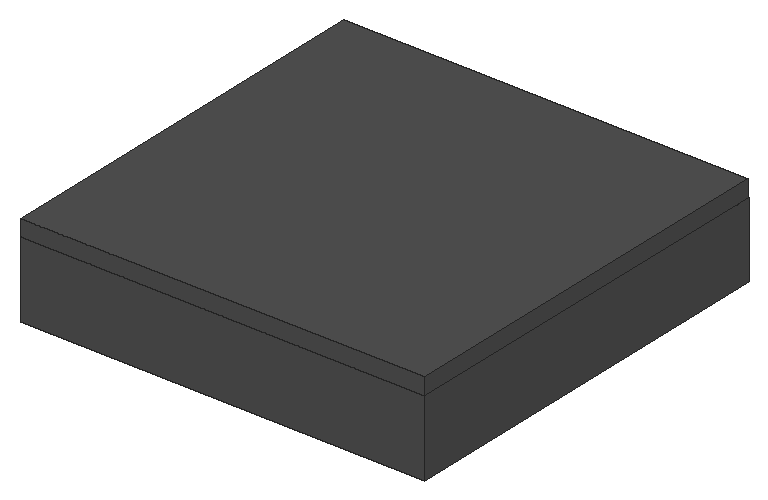
Revit family "Lumiária embutida - quadrada", category Lighting Fixtures, host Ceiling, Revit 2016
Family settings
  Host = Ceiling
  Part Type = Normal
  Round Connector Dimension = Use Diameter
  OmniClass Number = 23.80.70.11.14.11
  OmniClass Title = Downlights
  Always vertical = Yes
  Cut with Voids When Loaded = No
  Light Source = Yes
  Shared = No
  Room Calculation Point = No
Parameters (values of type "60 x 60 - 120V")
  Wattage Comments = ""
  Wattage = 150 W
  built-in parameter 1150110 = 1 (stored number, unit not read)
  built-in parameter 1114217 = 1 (stored number, unit not read)
  built-in parameter 1150109 = 1 (stored number, unit not read)
  built-in parameter 1150134 = (empty or 0)
  built-in parameter 1150113 = 1 (stored number, unit not read)
  built-in parameter 1150105 = 7162 (stored number, unit not read)
  Lumens = 22500 lm
  built-in parameter 1150115 = 1 (stored number, unit not read)
  Load Classification = Lighting - Dwelling Unit
  Light Source Symbol Size = 40 cm
  built-in parameter 1150137 = (empty or 0)
  built-in parameter 1150139 = (empty or 0)
  built-in parameter 1150112 = 1 (stored number, unit not read)
  built-in parameter 1150114 = 1 (stored number, unit not read)
  Lamp = "T-12"
  built-in parameter 1150132 = (empty or 0)
  built-in parameter 1150102 = (empty or 0)
  built-in parameter 1150107 = 4500 (stored number, unit not read)
  built-in parameter 1150138 = (empty or 0)
  built-in parameter 1150106 = 71.62 (stored number, unit not read)
  Grid Material = Metal - Paint Finish - Dark Gray, Matte
  Emit from Rectangle Width = 40 cm
  Emit from Rectangle Length = 40 cm
  Emit Shape Visible in Rendering = no
  built-in parameter 1150104 = 13.935 (stored number, unit not read)
  Dimming Lamp Color Temperature Shift = <None>
  Color Filter = 16777215
  built-in parameter 1140040 [instance] = (empty or 0)
  Ballast Voltage = 120 V
  Ballast Number of Poles = 1
  built-in parameter 1114218 = 1 (stored number, unit not read)
  built-in parameter 1150133 = 10 (stored number, unit not read)
  Assembly Code = "D5020210"
  Material emissor de luz = Glass - White, High Luminance
  Light Box Material = Metal - Chrome
  Apparent Load = 40 VA
Reference planes (cm)
  plane 1 "Light Source Axis": y = -5.9466
  plane 2 "Ceiling": z = 243.84
  plane 3 "Light Source Axis": x = -1.8704
  plane 4 "Light Source Elevation": z = 241.3
  plane 5: x = -32.3504
  plane 6: x = 28.6096
  plane 7: y = 24.5334
  plane 8: y = -36.4266
  plane 9: y = 3.2609
  plane 10: y = -15.1541
  plane 11: y = 21.6759
  plane 12: y = -33.5691
  plane 13: x = -29.4929
  plane 14: x = 25.7521
  plane 15: x = -11.0779
  plane 16: x = 7.3371
  plane 17: y = 3.2609
  plane 18: y = -15.1541
  plane 19: y = 21.6759
  plane 20: y = -33.5691
  plane 21: x = -29.4929
  plane 22: x = 25.7521
  plane 23: x = -11.0779
  plane 24: x = 7.3371
Forms (cm)
  Extrusion 1, solid, material "Metal - Chrome" <- "Light Box Material"
    sketch origin (0, 0, 243.84) x (1, 0, 0) y (0, 1, 0)
      loop
        line (-32.3504, 24.5334) -> (-32.3504, -36.4266) -> (28.6096, -36.4266) -> (28.6096, 24.5334) -> (-32.3504, 24.5334)
      loop
        line (-29.8104, 21.9934) -> (-29.8104, -33.8866) -> (26.0696, -33.8866) -> (26.0696, 21.9934) -> (-29.8104, 21.9934)
    from 0 to 11.43
  Extrusion 2, solid, material "Metal - Chrome" <- "Light Box Material"
    sketch origin (0, 0, 243.84) x (1, 0, 0) y (0, 1, 0)
      loop
        line (-32.3504, 24.5334) -> (-32.3504, -36.4266) -> (28.6096, -36.4266) -> (28.6096, 24.5334) -> (-32.3504, 24.5334)
    from 11.43 to 13.97
  Extrusion 3, solid, material "Glass - White, High Luminance" <- "Material emissor de luz"
    sketch origin (0, 0, 243.84) x (1, 0, 0) y (0, 1, 0)
      loop
        line (-29.8104, 21.9934) -> (-29.8104, -33.8866) -> (26.0696, -33.8866) -> (26.0696, 21.9934) -> (-29.8104, 21.9934)
      loop
        line (-29.1754, 3.5784) -> (-11.3954, 3.5784) -> (-11.3954, 21.3584) -> (-29.1754, 21.3584) -> (-29.1754, 3.5784)
      loop
        line (-29.1754, -14.8366) -> (-11.3954, -14.8366) -> (-11.3954, 2.9434) -> (-29.1754, 2.9434) -> (-29.1754, -14.8366)
      loop
        line (-29.1754, -15.4716) -> (-29.1754, -33.2516) -> (-11.3954, -33.2516) -> (-11.3954, -15.4716) -> (-29.1754, -15.4716)
      loop
        line (-10.7604, 3.5784) -> (7.0196, 3.5784) -> (7.0196, 21.3584) -> (-10.7604, 21.3584) -> (-10.7604, 3.5784)
      loop
        line (-10.7604, -14.8366) -> (7.0196, -14.8366) -> (7.0196, 2.9434) -> (-10.7604, 2.9434) -> (-10.7604, -14.8366)
      loop
        line (-10.7604, -15.4716) -> (-10.7604, -33.2516) -> (7.0196, -33.2516) -> (7.0196, -15.4716) -> (-10.7604, -15.4716)
      loop
        line (7.6546, 3.5784) -> (25.4346, 3.5784) -> (25.4346, 21.3584) -> (7.6546, 21.3584) -> (7.6546, 3.5784)
      loop
        line (7.6546, -14.8366) -> (25.4346, -14.8366) -> (25.4346, 2.9434) -> (7.6546, 2.9434) -> (7.6546, -14.8366)
      loop
        line (7.6546, -15.4716) -> (7.6546, -33.2516) -> (25.4346, -33.2516) -> (25.4346, -15.4716) -> (7.6546, -15.4716)
    from 0.3175 to 5.08
  Extrusion 4, solid, material "Glass - White, High Luminance" <- "Material emissor de luz"
    sketch origin (0, 0, 243.84) x (1, 0, 0) y (0, 1, 0)
      loop
        line (-29.8104, 21.9934) -> (-29.8104, -33.8866) -> (26.0696, -33.8866) -> (26.0696, 21.9934) -> (-29.8104, 21.9934)
    from 7.62 to 8.255
  Extrusion 5, solid, material "Metal - Paint Finish - Dark Gray, Matte" <- "Grid Material"
    sketch origin (0, 0, 243.84) x (1, 0, 0) y (0, 1, 0)
      loop
        line (-29.8104, 21.9934) -> (-29.8104, -33.8866) -> (26.0696, -33.8866) -> (26.0696, 21.9934) -> (-29.8104, 21.9934)
      loop
        line (-29.1754, 3.5784) -> (-11.3954, 3.5784) -> (-11.3954, 21.3584) -> (-29.1754, 21.3584) -> (-29.1754, 3.5784)
      loop
        line (-29.1754, -14.8366) -> (-11.3954, -14.8366) -> (-11.3954, 2.9434) -> (-29.1754, 2.9434) -> (-29.1754, -14.8366)
      loop
        line (-29.1754, -15.4716) -> (-29.1754, -33.2516) -> (-11.3954, -33.2516) -> (-11.3954, -15.4716) -> (-29.1754, -15.4716)
      loop
        line (-10.7604, 3.5784) -> (7.0196, 3.5784) -> (7.0196, 21.3584) -> (-10.7604, 21.3584) -> (-10.7604, 3.5784)
      loop
        line (-10.7604, -14.8366) -> (7.0196, -14.8366) -> (7.0196, 2.9434) -> (-10.7604, 2.9434) -> (-10.7604, -14.8366)
      loop
        line (-10.7604, -15.4716) -> (-10.7604, -33.2516) -> (7.0196, -33.2516) -> (7.0196, -15.4716) -> (-10.7604, -15.4716)
      loop
        line (7.6546, 3.5784) -> (25.4346, 3.5784) -> (25.4346, 21.3584) -> (7.6546, 21.3584) -> (7.6546, 3.5784)
      loop
        line (7.6546, -14.8366) -> (25.4346, -14.8366) -> (25.4346, 2.9434) -> (7.6546, 2.9434) -> (7.6546, -14.8366)
      loop
        line (7.6546, -15.4716) -> (7.6546, -33.2516) -> (25.4346, -33.2516) -> (25.4346, -15.4716) -> (7.6546, -15.4716)
    from 0 to 0.3175
Lines and regions (cm)
  Opening 1
    outline origin (0, 0, 243.84) x (1, 0, 0) y (0, 1, 0)
      loop
        line (-32.3504, 24.5334) -> (-32.3504, -36.4266) -> (28.6096, -36.4266) -> (28.6096, 24.5334) -> (-32.3504, 24.5334)
  model lines
    curve 1: line (-29.8104, 21.9934, 243.84) -> (26.0696, 21.9934, 243.84)
    curve 2: line (-29.8104, -33.8866, 243.84) -> (-29.8104, 21.9934, 243.84)
    curve 3: line (26.0696, -33.8866, 243.84) -> (-29.8104, -33.8866, 243.84)
    curve 4: line (26.0696, 21.9934, 243.84) -> (26.0696, -33.8866, 243.84)
  symbolic lines
    curve 5: arc (16.4176, -5.9466, 0) -> (-1.8704, 12.3414, 0) -> (-20.1584, -5.9466, 0) r 18.288
    curve 6: arc (-20.1584, -5.9466, 0) -> (-1.8704, -24.2346, 0) -> (16.4176, -5.9466, 0) r 18.288
    curve 7: line (-29.8104, -33.8866, 0) -> (-14.8019, -18.8782, 0)
    curve 8: line (11.0612, -18.8782, 0) -> (26.0696, -33.8866, 0)
    curve 9: line (26.0696, 21.9934, 0) -> (11.0612, 6.985, 0)
    curve 10: line (-14.8019, 6.985, 0) -> (-29.8104, 21.9934, 0)
    curve 11: line (-29.8104, 21.9934, 0) -> (26.0696, 21.9934, 0)
    curve 12: line (26.0696, 21.9934, 0) -> (26.0696, -33.8866, 0)
    curve 13: line (26.0696, -33.8866, 0) -> (-29.8104, -33.8866, 0)
    curve 14: line (-29.8104, -33.8866, 0) -> (-29.8104, 21.9934, 0)
Dimensions and locks (cm)
  equal spacing: host sketch curve, plane 3 "Light Source Axis", host sketch curve
  equal spacing: host sketch curve, plane 1 "Light Source Axis", host sketch curve
  host sketch curve to host sketch curve = 304.8 cm  (x2)
  equal spacing: plane 5, plane 3 "Light Source Axis", plane 6
  equal spacing: plane 8, plane 1 "Light Source Axis", plane 7
  locked: plane 5 to plane 6 at 60.96
  locked: plane 8 to plane 7 at 60.96
  locked: Extrusion 1 sketch curve to Extrusion 1 sketch curve at 2.54
  equal spacing: plane 11, plane 9, plane 10, plane 12
  equal spacing: plane 19, plane 17, plane 18, plane 20
Automatic sketch dimensions
  Opening 1 sketch curve to plane 5 = 0 cm
  Opening 1 sketch curve to plane 6 = 0 cm
  Opening 1 sketch curve to plane 8 = 0 cm
  Opening 1 sketch curve to plane 7 = 0 cm
  Extrusion 1 sketch curve to plane 5 = 0 cm
  Extrusion 1 sketch curve to plane 6 = 0 cm
  Extrusion 1 sketch curve to plane 8 = 0 cm
  Extrusion 1 sketch curve to plane 7 = 0 cm
  Extrusion 1 sketch curve to plane 5 = 2.54 cm
  plane 6 to Extrusion 1 sketch curve = 2.54 cm
  Extrusion 1 sketch curve to plane 8 = 2.54 cm
  Extrusion 2 sketch curve to plane 5 = 0 cm
  Extrusion 2 sketch curve to plane 6 = 0 cm
  Extrusion 2 sketch curve to plane 8 = 0 cm
  Extrusion 2 sketch curve to plane 7 = 0 cm
  Extrusion 4 sketch curve to plane 5 = 2.54 cm
  plane 6 to Extrusion 4 sketch curve = 2.54 cm
  Extrusion 4 sketch curve to plane 8 = 2.54 cm
  plane 7 to Extrusion 4 sketch curve = 2.54 cm
  plane 13 to Extrusion 3 sketch curve = 0.3175 cm
  Extrusion 3 sketch curve to plane 13 = 0.3175 cm  (x3)
  plane 15 to Extrusion 3 sketch curve = 0.3175 cm  (x3)
  Extrusion 3 sketch curve to plane 15 = 0.3175 cm  (x3)
  plane 16 to Extrusion 3 sketch curve = 0.3175 cm  (x3)
  Extrusion 3 sketch curve to plane 16 = 0.3175 cm  (x3)
  plane 14 to Extrusion 3 sketch curve = 0.3175 cm  (x3)
  Extrusion 3 sketch curve to plane 14 = 0.3175 cm
  Extrusion 3 sketch curve to plane 12 = 0.3175 cm
  plane 12 to Extrusion 3 sketch curve = 0.3175 cm  (x3)
  plane 10 to Extrusion 3 sketch curve = 0.3175 cm  (x3)
  Extrusion 3 sketch curve to plane 10 = 0.3175 cm  (x3)
  plane 9 to Extrusion 3 sketch curve = 0.3175 cm  (x3)
  Extrusion 3 sketch curve to plane 9 = 0.3175 cm  (x3)
  Extrusion 3 sketch curve to plane 11 = 0.3175 cm  (x3)
  plane 11 to Extrusion 3 sketch curve = 0.3175 cm
  plane 21 to Extrusion 5 sketch curve = 0.3175 cm
  Extrusion 5 sketch curve to plane 21 = 0.3175 cm  (x3)
  plane 23 to Extrusion 5 sketch curve = 0.3175 cm  (x3)
  Extrusion 5 sketch curve to plane 23 = 0.3175 cm  (x3)
  plane 24 to Extrusion 5 sketch curve = 0.3175 cm  (x3)
  Extrusion 5 sketch curve to plane 24 = 0.3175 cm  (x3)
  plane 22 to Extrusion 5 sketch curve = 0.3175 cm  (x3)
  Extrusion 5 sketch curve to plane 22 = 0.3175 cm
  Extrusion 5 sketch curve to plane 20 = 0.3175 cm
  plane 20 to Extrusion 5 sketch curve = 0.3175 cm  (x3)
  plane 18 to Extrusion 5 sketch curve = 0.3175 cm  (x3)
  Extrusion 5 sketch curve to plane 18 = 0.3175 cm  (x3)
  plane 17 to Extrusion 5 sketch curve = 0.3175 cm  (x3)
  Extrusion 5 sketch curve to plane 17 = 0.3175 cm  (x3)
  Extrusion 5 sketch curve to plane 19 = 0.3175 cm  (x3)
  plane 19 to Extrusion 5 sketch curve = 0.3175 cm
  curve 6 to plane 1 "Light Source Axis" = 0 cm
  curve 6 to plane 3 "Light Source Axis" = 0 cm
  curve 2 to plane 5 = 2.54 cm
  curve 10 to curve 1 = 0 cm  (x2)
  plane 1 "Light Source Axis" to curve 7 = 12.9316 cm
  plane 1 "Light Source Axis" to curve 8 = 12.9316 cm
  curve 9 to plane 1 "Light Source Axis" = 12.9316 cm
  plane 6 to curve 4 = 2.54 cm
  curve 8 to curve 3 = 0 cm  (x2)
  curve 9 to curve 1 = 0 cm  (x2)
  curve 7 to plane 8 = 2.54 cm
  curve 10 to plane 1 "Light Source Axis" = 12.9316 cm
  plane 7 to curve 1 = 2.54 cm
  curve 7 to curve 2 = 0 cm
  curve 3 to plane 8 = 2.54 cm
  curve 14 to plane 5 = 2.54 cm
  plane 6 to curve 13 = 2.54 cm
  curve 13 to plane 8 = 2.54 cm
  plane 7 to curve 12 = 2.54 cm
Connectors (cm)
  electrical at (-1.8704, -5.9466, 244.1575), driven by "Apparent Load", driven by "Ballast Voltage", driven by "Ballast Number of Poles", driven by "Load Classification"
    settings: on Extrusion 3, index 1, voltage 120 V, apparent load 0 VA, apparent load phase1 40 VA, apparent load phase2 0 VA, apparent load phase3 0 VA, power factor 0.95, load classification "Lighting - Dwelling Unit", number of poles 1, system type 31, power factor state 1, is connector primary yes, connector utility no, sub classification motor no, connector description ""
